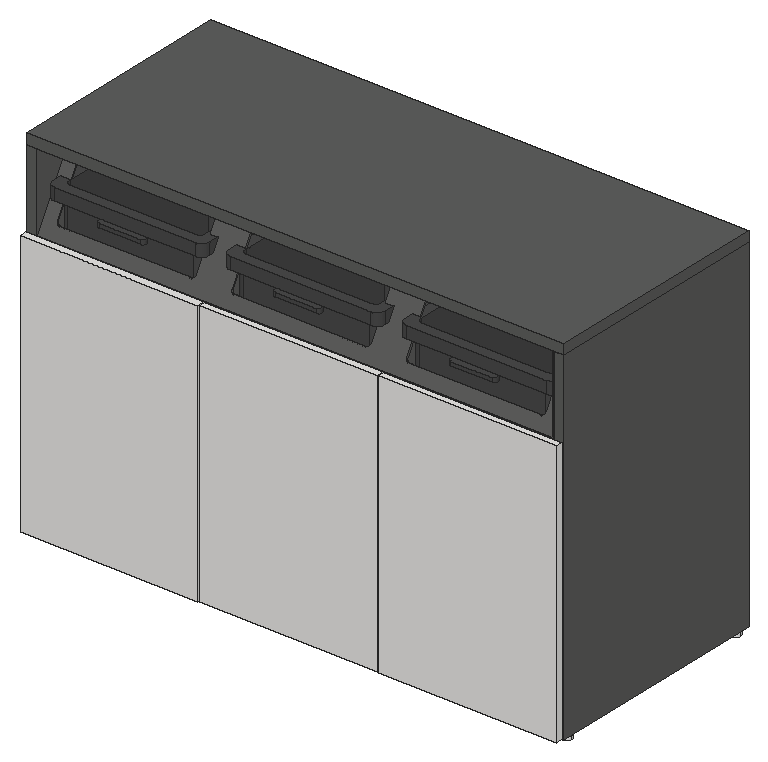
Revit family "Storage-Teknion-CESRUX_Recycling_Disposal_Unit_XL_Bins-R2023", category Furniture, Revit 2023 (continued)
Dimensions and locks (in)
  Sweep 20 sketch curve to plane 3 "Center Left/Right" to Sweep 20 sketch curve = 0.05906" locked, 0.05906" locked
  locked: plane 8 "Top" to Sweep 20 sketch curve at 8.10224
  locked: plane 6 "Back" to Sweep 21 sketch curve at 1  (x2)
  locked: plane 4 "Left" to Sweep 21 sketch curve at 0.5  (x2)
  locked: Sweep 21 sketch curve to plane 5 "Right" at 0.5  (x2)
  locked: plane 7 "Front" to Sweep 21 sketch curve at 1.83858  (x2)
  locked: Sweep 22 sketch curve to plane 7 "Front" at 0.80315
  "Cut-Out - Symbol - 3 Doors": Sweep 22 sketch curve to Sweep 22 sketch curve
  plane 8 "Top" to Sweep 22 sketch curve to Sweep 22 sketch curve = 11.33071" locked, 1.83071" locked  (x2)
  plane 3 "Center Left/Right" to Sweep 22 sketch curve to Sweep 22 sketch curve = 17.08465" locked, 1.83071" locked  (x2)
  locked: Sweep 23 sketch curve to plane 7 "Front" at 0.80315
  "Cut-Out - Symbol - 3 Doors": Sweep 23 sketch curve to Sweep 23 sketch curve
  Sweep 23 sketch curve to plane 3 "Center Left/Right" to Sweep 23 sketch curve = 0.91535" locked, 0.91535" locked
  plane 8 "Top" to Sweep 23 sketch curve to Sweep 23 sketch curve = 11.33071" locked, 1.83071" locked
  "Cut-Out - Symbol - 2 Doors": Sweep 24 sketch curve to Sweep 24 sketch curve
  locked: Sweep 24 sketch curve to plane 7 "Front" at 0.80315
  locked: Sweep 24 sketch curve to Sweep 24 sketch curve at 1.83071  (x2)
  plane 8 "Top" to Sweep 24 sketch curve to Sweep 24 sketch curve = 11.33071" locked, 1.83071" locked  (x2)
  "Dim 2": plane 3 "Center Left/Right" to Sweep 24 sketch curve
  "Dim 2": Sweep 24 sketch curve to plane 3 "Center Left/Right"
  locked: plane 3 "Center Left/Right" to nested 7 at 17.667
  locked: nested 6 to plane 3 "Center Left/Right" at 17.66732
  locked: plane 8 "Top" to Sweep 25 sketch curve at 1.29754
  locked: plane 7 "Front" to Sweep 25 sketch curve at 3.92329
  "Cut-Out - 2 Bins - 24DW": Sweep 25 sketch curve to Sweep 25 sketch curve
  "Dim 3": nested 8 to plane 3 "Center Left/Right"
  "Dim 3": plane 3 "Center Left/Right" to nested 9
  locked: plane 14 to plane 7 "Front" at 11.839
  locked: nested 12 to plane 3 "Center Left/Right" at 17.66732
  locked: plane 3 "Center Left/Right" to nested 13 at 17.66732
  locked: nested 14 to plane 3 "Center Left/Right" at 8.66732
  locked: plane 3 "Center Left/Right" to nested 15 at 8.66732
  locked: nested 16 to plane 3 "Center Left/Right" at 11.66732
  locked: plane 3 "Center Left/Right" to nested 11 at 11.66732
  locked: nested 13 to plane 2 at 7.57386
  locked: nested 11 to plane 2 at 7.57386
  locked: nested 15 to plane 2 at 7.57386
  locked: nested 10 to plane 2 at 7.57386
  locked: nested 16 to plane 2 at 7.57386
  locked: nested 14 to plane 2 at 7.57386
  locked: nested 12 to plane 2 at 7.57386
  locked: plane 7 "Front" to Sweep 16 sketch curve (angle 60.00°)
  locked: plane 7 "Front" to Sweep 17 sketch curve (angle 60.00°)
  locked: plane 7 "Front" to Sweep 25 sketch curve (angle 60.00°)
  aligned and locked: level to plane 2
  aligned and locked: plane 3 "Center Left/Right" to Sweep 1 sketch curve
  aligned and locked: plane 9 to Sweep 1 sketch curve
  aligned and locked: plane 6 "Back" to Sweep 1 sketch curve
  aligned and locked: Sweep 1 sketch curve to plane 6 "Back"
  aligned and locked: plane 4 "Left" to Sweep 1 sketch curve
  aligned and locked: Sweep 1 sketch curve to plane 5 "Right"
  aligned and locked: Sweep 1 sketch curve to Sweep 1 sketch curve
  aligned and locked: Sweep 2 sketch curve to plane 1 "Center Front/Back"
  aligned and locked: plane 9 to Sweep 2 sketch curve
  aligned and locked: Sweep 2 sketch curve to plane 6 "Back"
  aligned and locked: plane 9 to Sweep 3 sketch curve
  aligned and locked: Sweep 3 sketch curve to plane 3 "Center Left/Right"
  aligned and locked: plane 10 to Sweep 4 sketch curve
  aligned and locked: Sweep 4 sketch curve to plane 3 "Center Left/Right"
  aligned and locked: plane 8 "Top" to Sweep 5 sketch curve
  aligned and locked: Sweep 5 sketch curve to plane 3 "Center Left/Right"
  aligned and locked: Sweep 5 sketch curve to plane 6 "Back"
  aligned and locked: Sweep 5 sketch curve to plane 5 "Right"
  aligned and locked: plane 4 "Left" to Sweep 5 sketch curve
  aligned and locked: Sweep 6 sketch curve to plane 3 "Center Left/Right"
  aligned and locked: plane 7 "Front" to Sweep 6 sketch curve
  aligned and locked: plane 1 "Center Front/Back" to Sweep 7 sketch curve
  aligned and locked: plane 1 "Center Front/Back" to Sweep 8 sketch curve
  aligned and locked: plane 1 "Center Front/Back" to Sweep 9 sketch curve
  aligned and locked: Sweep 10 sketch curve to plane 3 "Center Left/Right"
  aligned and locked: Sweep 10 sketch curve to plane 7 "Front"
  aligned and locked: plane 3 "Center Left/Right" to Sweep 11 sketch curve
  aligned and locked: Sweep 11 sketch curve to plane 7 "Front"
  aligned and locked: Sweep 12 sketch curve to plane 3 "Center Left/Right"
  aligned and locked: Sweep 12 sketch curve to plane 7 "Front"
  aligned and locked: Sweep 13 sketch curve to plane 1 "Center Front/Back"
  aligned and locked: Sweep 14 sketch curve to plane 1 "Center Front/Back"
  aligned and locked: Sweep 15 sketch curve to plane 1 "Center Front/Back"
  aligned and locked: Sweep 18 sketch curve to plane 3 "Center Left/Right"
  aligned and locked: plane 9 to Sweep 18 sketch curve
  aligned and locked: Sweep 19 sketch curve to plane 3 "Center Left/Right"
  aligned and locked: Sweep 19 sketch curve to plane 9
  aligned and locked: Sweep 20 sketch curve to plane 9
  aligned and locked: plane 3 "Center Left/Right" to Sweep 21 sketch curve
  aligned and locked: plane 9 to Sweep 21 sketch curve
  aligned and locked: plane 2 to Sweep 21 sketch curve
  aligned and locked: plane 3 "Center Left/Right" to Sweep 22 sketch curve
  aligned and locked: plane 3 "Center Left/Right" to Sweep 23 sketch curve
  aligned and locked: plane 3 "Center Left/Right" to Sweep 24 sketch curve
  aligned and locked: Masking region 1 sketch curve to Sweep 5  (x4)
  aligned and locked: curve 1 to Sweep 2
  aligned and locked: curve 2 to Sweep 1
  aligned and locked: curve 3 to Sweep 1
  aligned and locked: curve 4 to Sweep 7
  aligned and locked: curve 5 to Sweep 7
  aligned and locked: curve 6 to Sweep 7
  aligned and locked: curve 7 to Sweep 7
  aligned and locked: Sweep 8 to curve 8
  aligned and locked: Sweep 8 to curve 9
  aligned and locked: curve 10 to Sweep 8
  aligned and locked: curve 11 to Sweep 8
  aligned and locked: curve 12 to Sweep 9
  aligned and locked: curve 13 to Sweep 9
  aligned and locked: curve 14 to Sweep 9
  aligned and locked: curve 15 to Sweep 9
  aligned and locked: curve 16 to cut or joined group of Sweep 13, Sweep 14, Sweep 15, Sweep 16, Sweep 17, Sweep 25
  aligned and locked: curve 17 to cut or joined group of Sweep 13, Sweep 14, Sweep 15, Sweep 16, Sweep 17, Sweep 25
  aligned and locked: curve 18 to cut or joined group of Sweep 13, Sweep 14, Sweep 15, Sweep 16, Sweep 17, Sweep 25
  aligned and locked: curve 19 to cut or joined group of Sweep 13, Sweep 14, Sweep 15, Sweep 16, Sweep 17, Sweep 25
  aligned and locked: curve 20 to cut or joined group of Sweep 13, Sweep 14, Sweep 15, Sweep 16, Sweep 17, Sweep 25
  aligned and locked: cut or joined group of Sweep 13, Sweep 14, Sweep 15, Sweep 16, Sweep 17, Sweep 25 to curve 21
  aligned and locked: cut or joined group of Sweep 13, Sweep 14, Sweep 15, Sweep 16, Sweep 17, Sweep 25 to curve 22
  aligned and locked: cut or joined group of Sweep 13, Sweep 14, Sweep 15, Sweep 16, Sweep 17, Sweep 25 to curve 23
  aligned and locked: cut or joined group of Sweep 13, Sweep 14, Sweep 15, Sweep 16, Sweep 17, Sweep 25 to curve 24
  aligned and locked: cut or joined group of Sweep 13, Sweep 14, Sweep 15, Sweep 16, Sweep 17, Sweep 25 to curve 25
  aligned and locked: cut or joined group of Sweep 13, Sweep 14, Sweep 15, Sweep 16, Sweep 17, Sweep 25 to curve 26
  aligned and locked: curve 27 to Sweep 21
  aligned and locked: curve 28 to Sweep 21
  aligned and locked: curve 29 to Sweep 21
  aligned and locked: curve 30 to Sweep 21
  aligned and locked: curve 31 to Sweep 21
  aligned and locked: curve 32 to Sweep 21
  aligned and locked: curve 33 to Sweep 21
  aligned and locked: curve 34 to Sweep 21
  aligned and locked: curve 36 to cut or joined group of Sweep 6, Sweep 18, Sweep 19, Sweep 20, Sweep 22, Sweep 23, Sweep 24
  aligned and locked: cut or joined group of Sweep 6, Sweep 18, Sweep 19, Sweep 20, Sweep 22, Sweep 23, Sweep 24 to curve 39
  aligned and locked: curve 42 to cut or joined group of Sweep 6, Sweep 18, Sweep 19, Sweep 20, Sweep 22, Sweep 23, Sweep 24
  aligned and locked: cut or joined group of Sweep 6, Sweep 18, Sweep 19, Sweep 20, Sweep 22, Sweep 23, Sweep 24 to curve 45
  aligned and locked: cut or joined group of Sweep 6, Sweep 18, Sweep 19, Sweep 20, Sweep 22, Sweep 23, Sweep 24 to curve 48
  aligned and locked: cut or joined group of Sweep 6, Sweep 18, Sweep 19, Sweep 20, Sweep 22, Sweep 23, Sweep 24 to curve 51
  aligned and locked: cut or joined group of Sweep 6, Sweep 18, Sweep 19, Sweep 20, Sweep 22, Sweep 23, Sweep 24 to curve 57
  aligned and locked: cut or joined group of Sweep 6, Sweep 18, Sweep 19, Sweep 20, Sweep 22, Sweep 23, Sweep 24 to curve 54
  aligned and locked: cut or joined group of Sweep 6, Sweep 18, Sweep 19, Sweep 20, Sweep 22, Sweep 23, Sweep 24 to curve 63
  aligned and locked: curve 60 to cut or joined group of Sweep 6, Sweep 18, Sweep 19, Sweep 20, Sweep 22, Sweep 23, Sweep 24
  aligned and locked: Sweep 22 to curve 37
  aligned and locked: curve 35 to Sweep 22
  aligned and locked: curve 38 to Sweep 22
  aligned and locked: Sweep 22 to curve 40
  aligned and locked: Sweep 23 to curve 64
  aligned and locked: curve 62 to Sweep 23
  aligned and locked: Sweep 23 to curve 61
  aligned and locked: curve 59 to Sweep 23
  aligned and locked: Sweep 22 to curve 58
  aligned and locked: curve 56 to Sweep 22
  aligned and locked: Sweep 22 to curve 55
  aligned and locked: curve 53 to Sweep 22
  aligned and locked: Sweep 24 to curve 46
  aligned and locked: curve 44 to Sweep 24
  aligned and locked: curve 41 to Sweep 24
  aligned and locked: curve 47 to Sweep 24
  aligned and locked: Sweep 24 to curve 49
  aligned and locked: curve 50 to Sweep 24
  aligned and locked: Sweep 24 to curve 52
  aligned and locked: curve 65 to Sweep 5
  aligned and locked: nested 2 to plane 6 "Back"
  aligned and locked: nested 2 to plane 5 "Right"
  aligned and locked: plane 7 "Front" to nested 3
  aligned and locked: nested 3 to plane 5 "Right"
  aligned and locked: nested 4 to plane 4 "Left"
  aligned and locked: nested 4 to plane 7 "Front"
  aligned and locked: nested 5 to plane 3 "Center Left/Right"
  aligned and locked: plane 7 "Front" to nested 5
  aligned and locked: plane 7 "Front" to nested 6
  aligned and locked: plane 7 "Front" to nested 7
  aligned and locked: nested 1 to plane 6 "Back"
  aligned and locked: plane 4 "Left" to nested 1
  aligned and locked: curve 66 to plane 6 "Back"
  aligned and locked: curve 67 to plane 4 "Left"
  aligned and locked: plane 7 "Front" to curve 68
  aligned and locked: plane 5 "Right" to curve 69
  aligned and locked: Sweep 20 sketch curve to plane 3 "Center Left/Right"
  aligned and locked: cut or joined group of Sweep 13, Sweep 14, Sweep 15, Sweep 16, Sweep 17, Sweep 25 to curve 83
  aligned and locked: cut or joined group of Sweep 13, Sweep 14, Sweep 15, Sweep 16, Sweep 17, Sweep 25 to curve 88
  aligned and locked: curve 89 to cut or joined group of Sweep 13, Sweep 14, Sweep 15, Sweep 16, Sweep 17, Sweep 25
  aligned and locked: plane 7 "Front" to nested 8
  aligned and locked: plane 7 "Front" to nested 9
  aligned and locked: Sweep 20 to Masking region 2 sketch curve
  aligned and locked: cut or joined group of Sweep 6, Sweep 18, Sweep 19, Sweep 20, Sweep 22, Sweep 23, Sweep 24 to Masking region 2 sketch curve
  aligned and locked: Masking region 2 sketch curve to cut or joined group of Sweep 6, Sweep 18, Sweep 19, Sweep 20, Sweep 22, Sweep 23, Sweep 24  (x3)
  aligned and locked: plane 7 "Front" to Masking region 2 sketch curve  (x2)
  aligned and locked: Masking region 2 sketch curve to Sweep 20
  aligned and locked: Masking region 3 sketch curve to cut or joined group of Sweep 6, Sweep 18, Sweep 19, Sweep 20, Sweep 22, Sweep 23, Sweep 24  (x2)
  aligned and locked: Sweep 19 to Masking region 3 sketch curve  (x2)
  aligned and locked: cut or joined group of Sweep 6, Sweep 18, Sweep 19, Sweep 20, Sweep 22, Sweep 23, Sweep 24 to Masking region 3 sketch curve  (x3)
  aligned and locked: Masking region 3 sketch curve to plane 7 "Front"  (x3)
  aligned and locked: Sweep 18 to Masking region 3 sketch curve  (x2)
  aligned and locked: Sweep 17 to curve 101
  aligned and locked: Sweep 17 to curve 100
  aligned and locked: Sweep 17 to curve 99
  aligned and locked: Sweep 17 to curve 96
  aligned and locked: Sweep 17 to curve 106
  aligned and locked: Sweep 17 to curve 107
  aligned and locked: curve 82 to Sweep 25
  aligned and locked: Sweep 16 to curve 79
  aligned and locked: curve 78 to Sweep 16
  aligned and locked: Sweep 16 to curve 72
  aligned and locked: curve 75 to Sweep 16
  aligned and locked: plane 3 "Center Left/Right" to nested 10
  aligned and locked: nested 13 to plane 14
  aligned and locked: nested 10 to plane 14
  aligned and locked: nested 12 to plane 14
  aligned and locked: curve 114 to nested 12
  aligned and locked: curve 116 to nested 12
  aligned and locked: curve 118 to nested 12
  aligned and locked: curve 120 to nested 12
  aligned and locked: curve 122 to nested 12
  aligned and locked: curve 124 to nested 12
  aligned and locked: curve 126 to nested 12
  aligned and locked: curve 128 to nested 12
  aligned and locked: curve 130 to nested 12
  aligned and locked: curve 132 to nested 12
  aligned and locked: curve 134 to nested 12
  aligned and locked: curve 136 to nested 12
  aligned and locked: curve 137 to nested 12
  aligned and locked: curve 139 to nested 12
  aligned and locked: curve 140 to nested 12
  aligned and locked: curve 142 to nested 12
  aligned and locked: curve 144 to nested 10
  aligned and locked: curve 146 to nested 10
  aligned and locked: curve 148 to nested 10
  aligned and locked: curve 150 to nested 10
  aligned and locked: curve 152 to nested 10
  aligned and locked: curve 154 to nested 10
  aligned and locked: curve 156 to nested 10
  aligned and locked: curve 158 to nested 10
  aligned and locked: curve 160 to nested 10
  aligned and locked: curve 162 to nested 10
  aligned and locked: curve 164 to nested 10
  aligned and locked: curve 166 to nested 10
  aligned and locked: curve 167 to nested 10
  aligned and locked: curve 169 to nested 10
  aligned and locked: curve 170 to nested 10
  aligned and locked: curve 172 to nested 10
  aligned and locked: curve 174 to nested 13
  aligned and locked: curve 176 to nested 13
  aligned and locked: curve 178 to nested 13
  aligned and locked: curve 180 to nested 13
  aligned and locked: curve 182 to nested 13
  aligned and locked: curve 184 to nested 13
  aligned and locked: curve 186 to nested 13
  aligned and locked: curve 188 to nested 13
  aligned and locked: curve 190 to nested 13
  aligned and locked: curve 192 to nested 13
  aligned and locked: curve 194 to nested 13
  aligned and locked: curve 196 to nested 13
  aligned and locked: curve 197 to nested 13
  aligned and locked: curve 199 to nested 13
  aligned and locked: curve 200 to nested 13
  aligned and locked: curve 202 to nested 13
  aligned and locked: nested 15 to plane 14
  aligned and locked: nested 14 to plane 14
  aligned and locked: curve 204 to nested 14
  aligned and locked: curve 206 to nested 14
  aligned and locked: curve 208 to nested 14
  aligned and locked: curve 210 to nested 14
  aligned and locked: curve 212 to nested 14
  aligned and locked: curve 214 to nested 14
  aligned and locked: curve 216 to nested 14
  aligned and locked: curve 218 to nested 14
  aligned and locked: curve 220 to nested 14
  aligned and locked: curve 222 to nested 14
  aligned and locked: curve 224 to nested 14
  aligned and locked: curve 226 to nested 14
  aligned and locked: curve 227 to nested 14
  aligned and locked: curve 229 to nested 14
  aligned and locked: curve 231 to nested 14
  aligned and locked: curve 232 to nested 14
  aligned and locked: curve 234 to nested 15
  aligned and locked: curve 236 to nested 15
  aligned and locked: curve 238 to nested 15
  aligned and locked: curve 240 to nested 15
  aligned and locked: curve 242 to nested 15
  aligned and locked: curve 244 to nested 15
  aligned and locked: curve 246 to nested 15
  aligned and locked: curve 248 to nested 15
  aligned and locked: curve 250 to nested 15
  aligned and locked: curve 252 to nested 15
  aligned and locked: curve 254 to nested 15
  aligned and locked: curve 256 to nested 15
  aligned and locked: curve 257 to nested 15
  aligned and locked: curve 259 to nested 15
  aligned and locked: curve 260 to nested 15
  aligned and locked: curve 262 to nested 15
  aligned and locked: nested 11 to plane 13
  aligned and locked: nested 16 to plane 13
  aligned and locked: curve 264 to nested 16
  aligned and locked: curve 266 to nested 16
  aligned and locked: curve 268 to nested 16
  aligned and locked: curve 270 to nested 16
  aligned and locked: curve 272 to nested 16
  aligned and locked: curve 275 to nested 16
  aligned and locked: curve 277 to nested 16
  aligned and locked: curve 278 to nested 16
  aligned and locked: curve 280 to nested 16
  aligned and locked: curve 282 to nested 16
  aligned and locked: curve 284 to nested 16
  aligned and locked: curve 286 to nested 16
  aligned and locked: curve 287 to nested 16
  aligned and locked: curve 289 to nested 16
  aligned and locked: curve 290 to nested 16
  aligned and locked: curve 292 to nested 16
  aligned and locked: curve 294 to nested 11
  aligned and locked: curve 296 to nested 11
  aligned and locked: curve 298 to nested 11
  aligned and locked: curve 300 to nested 11
  aligned and locked: curve 302 to nested 11
  aligned and locked: curve 304 to nested 11
  aligned and locked: curve 306 to nested 11
  aligned and locked: curve 308 to nested 11
  aligned and locked: curve 310 to nested 11
  aligned and locked: curve 312 to nested 11
  aligned and locked: curve 314 to nested 11
  aligned and locked: curve 316 to nested 11
  aligned and locked: curve 317 to nested 11
  aligned and locked: curve 319 to nested 11
  aligned and locked: curve 320 to nested 11
  aligned and locked: curve 322 to nested 11
Automatic sketch dimensions
  Sweep 21 sketch curve to Sweep 21 sketch curve = 0.500"  (x4)
  Sweep 21 sketch curve to Sweep 21 sketch curve = 0.000"  (x8)
  Sweep 22 sketch curve to Sweep 22 sketch curve = 0.15748"  (x4)
  Sweep 22 sketch curve to Sweep 22 sketch curve = 0.000"  (x8)
  Sweep 23 sketch curve to Sweep 23 sketch curve = 0.15748"  (x2)
  Sweep 23 sketch curve to Sweep 23 sketch curve = 1.83071"
  Sweep 23 sketch curve to Sweep 23 sketch curve = 0.000"  (x3)
  Sweep 24 sketch curve to Sweep 24 sketch curve = 0.15748"  (x4)
  Sweep 24 sketch curve to Sweep 24 sketch curve = 0.000"  (x8)
  profile plane to Sweep 17 sketch curve = 0.34252"  (x3)
  Sweep 17 sketch curve to profile plane = 0.05118"  (x6)
  Sweep 17 sketch curve to Sweep 17 sketch curve = 5.9626"  (x4)
  Sweep 17 sketch curve to Sweep 17 sketch curve = 0.3937"  (x3)
  Sweep 17 sketch curve to plane 3 "Center Left/Right" = 24.55643"
  Sweep 17 sketch curve to plane 3 "Center Left/Right" = 10.95013"
  plane 3 "Center Left/Right" to Sweep 17 sketch curve = 10.55643"
  Sweep 17 sketch curve to Sweep 17 sketch curve = 13.2126"
  Sweep 17 sketch curve to Sweep 17 sketch curve = 0.000"  (x2)
  Sweep 17 sketch curve to Sweep 17 sketch curve = 3.55643"
  Sweep 17 sketch curve to Sweep 17 sketch curve = 3.95013"
  Sweep 16 sketch curve to plane 3 "Center Left/Right" = 2.06102"
  profile plane to Sweep 16 sketch curve = 6.40748"
  Sweep 16 sketch curve to Sweep 16 sketch curve = 0.3937"  (x5)
  profile plane to Sweep 16 sketch curve = 0.05118"  (x4)
  Sweep 16 sketch curve to profile plane = 0.34252"  (x2)
  Sweep 16 sketch curve to Sweep 16 sketch curve = 13.2126"  (x2)
  plane 3 "Center Left/Right" to Sweep 16 sketch curve = 2.06102"
  Sweep 25 sketch curve to profile plane = 0.000"  (x2)
  profile plane to Sweep 25 sketch curve = 0.3937"  (x3)
  Sweep 25 sketch curve to Sweep 25 sketch curve = 0.3937"  (x5)
  Sweep 25 sketch curve to plane 3 "Center Left/Right" = 2.66732"
  Sweep 25 sketch curve to Sweep 25 sketch curve = 5.9626"  (x2)
  Sweep 25 sketch curve to Sweep 25 sketch curve = 17.2126"  (x2)
  plane 3 "Center Left/Right" to Sweep 25 sketch curve = 3.06102"
  curve 65 to plane 4 "Left" = 0.000"
  plane 7 "Front" to curve 43 = 0.000"
  plane 7 "Front" to curve 61 = 0.000"
  curve 65 to plane 5 "Right" = 0.000"
  plane 7 "Front" to curve 40 = 0.000"
  plane 7 "Front" to curve 37 = 0.000"
  plane 7 "Front" to curve 64 = 0.000"
  plane 7 "Front" to curve 41 = 0.000"
  plane 7 "Front" to curve 62 = 0.000"
  plane 7 "Front" to curve 59 = 0.000"
  plane 7 "Front" to curve 58 = 0.000"
  plane 7 "Front" to curve 44 = 0.000"
  plane 7 "Front" to curve 56 = 0.000"
  plane 7 "Front" to curve 55 = 0.000"
  plane 7 "Front" to curve 35 = 0.000"
  plane 7 "Front" to curve 46 = 0.000"
  plane 7 "Front" to curve 47 = 0.000"
  plane 7 "Front" to curve 38 = 0.000"
  plane 7 "Front" to curve 49 = 0.000"
  plane 7 "Front" to curve 53 = 0.000"
  plane 7 "Front" to curve 52 = 0.000"
  plane 7 "Front" to curve 50 = 0.000"
  curve 3 to plane 6 "Back" = 0.000"
  curve 2 to plane 6 "Back" = 0.000"
  curve 41 to curve 42 = 0.31496"
  curve 59 to curve 60 = 0.31496"
  curve 73 to curve 97 = 0.000"
  curve 78 to curve 92 = 0.000"
  curve 89 to curve 10 = 0.9707"
  curve 82 to curve 84 = 3.41591"
  curve 106 to curve 79 = 0.000"
  curve 96 to curve 95 = 3.41591"
  curve 75 to curve 95 = 0.000"
  curve 89 to curve 100 = 0.000"
  curve 19 to curve 24 = 0.000"
  curve 9 to plane 7 "Front" = 0.83858"
  curve 8 to curve 9 = 0.000"
  curve 79 to curve 81 = 0.04091"
  curve 82 to curve 86 = 0.04091"
  curve 100 to curve 105 = 0.04091"
  curve 89 to curve 93 = 0.04091"
  curve 97 to curve 98 = 0.04091"
  curve 29 to curve 29 = 0.000"
  curve 28 to curve 27 = 0.000"
  curve 27 to curve 28 = 0.000"
  curve 30 to curve 29 = 0.000"
  curve 94 to curve 95 = 0.04091"
  curve 76 to curve 77 = 0.04091"
  curve 102 to curve 101 = 0.04091"
  curve 90 to curve 88 = 0.04091"
  curve 85 to curve 82 = 0.04091"
  curve 70 to curve 71 = 0.04091"
  curve 31 to curve 32 = 0.000"
  curve 31 to curve 1 = 0.29921"
  curve 33 to curve 1 = 0.29921"
  curve 33 to curve 33 = 0.000"
  curve 108 to curve 107 = 0.04091"
  curve 107 to curve 112 = 0.04091"
  curve 110 to curve 76 = 0.50459"
  curve 17 to curve 16 = 0.04724"
  curve 110 to curve 17 = 0.45594"
  curve 98 to curve 119 = 0.01324"
  curve 105 to curve 159 = 0.01324"
  curve 112 to curve 195 = 0.01324"
  curve 74 to curve 219 = 0.01324"
  curve 163 to curve 230 = 0.4622"
  curve 81 to curve 249 = 0.01324"
  curve 86 to curve 263 = 0.30424"
  curve 274 to curve 264 = 0.07865"
  curve 270 to curve 275 = 0.07865"
Nested families (in)
  nested 1: "Teknion_2D_Node_Family-R2016" at (-3, 0, 0), type "Teknion_2D_Node_Family-R2016"
  nested 2: "Teknion_2D_Node_Family-R2016" at (51, 0, 0), type "Teknion_2D_Node_Family-R2016"
  nested 3: "Teknion_2D_Node_Family-R2016" at (51, -24, 0), type "Teknion_2D_Node_Family-R2016"
  nested 4: "Teknion_2D_Node_Family-R2016" at (-3, -24, 0), type "Teknion_2D_Node_Family-R2016"
  nested 5: "Teknion_2D_Node_Family-R2016" at (24, -24, 0), visible <- "2D & Node - Symbol - 3 Doors", type "Teknion_2D_Node_Family-R2016"
  nested 6: "Teknion_2D_Node_Family-R2016" at (6.33268, -24, 0), visible <- "2D & Node - Symbol - 3 Doors", type "Teknion_2D_Node_Family-R2016"
  nested 7: "Teknion_2D_Node_Family-R2016" at (41.667, -24, 0), visible <- "2D & Node - Symbol - 3 Doors", type "Teknion_2D_Node_Family-R2016"
  nested 8: "Teknion_2D_Node_Family-R2016" at (15, -24, 0), visible <- "2D & Node - Symbol - 2 Doors", type "Teknion_2D_Node_Family-R2016"
  nested 9: "Teknion_2D_Node_Family-R2016" at (33, -24, 0), visible <- "2D & Node - Symbol - 2 Doors", type "Teknion_2D_Node_Family-R2016"
  nested 10: "XL Bin" at (14.62992, 0.00042, 0), visible <- "2D - 3 Bins", type "XL Bin"
    with To render please download texture images found here "https://assets.teknion.com/web/5e81352c1dfdb467/revit-material-swatches/", How To Use Teknion Materials User Guide "https://assets.teknion.com/m/205dd0a49fa58060/original/How-to-add-a-Material-Library-and-Texture-Images-to-your-Revit-project.pdf", For Additional Finishes please visit "https://assets.teknion.com/m/44a8009b046e5d47/original/Teknion_Materials_Library.zip"
  nested 11: "XL Bin" at (47.82874, -5.91692, 0) x (0, -1, 0) z (0, 0, 1), visible <- "2D - 2 Bins - 24DW", type "XL Bin"
    with To render please download texture images found here "https://assets.teknion.com/web/5e81352c1dfdb467/revit-material-swatches/", How To Use Teknion Materials User Guide "https://assets.teknion.com/m/205dd0a49fa58060/original/How-to-add-a-Material-Library-and-Texture-Images-to-your-Revit-project.pdf", For Additional Finishes please visit "https://assets.teknion.com/m/44a8009b046e5d47/original/Teknion_Materials_Library.zip"
  nested 12: "XL Bin" at (-3.0374, 0.00042, 0), visible <- "2D - 3 Bins", type "XL Bin"
    with To render please download texture images found here "https://assets.teknion.com/web/5e81352c1dfdb467/revit-material-swatches/", How To Use Teknion Materials User Guide "https://assets.teknion.com/m/205dd0a49fa58060/original/How-to-add-a-Material-Library-and-Texture-Images-to-your-Revit-project.pdf", For Additional Finishes please visit "https://assets.teknion.com/m/44a8009b046e5d47/original/Teknion_Materials_Library.zip"
  nested 13: "XL Bin" at (32.29724, 0.00042, 0), visible <- "2D - 3 Bins", type "XL Bin"
    with To render please download texture images found here "https://assets.teknion.com/web/5e81352c1dfdb467/revit-material-swatches/", How To Use Teknion Materials User Guide "https://assets.teknion.com/m/205dd0a49fa58060/original/How-to-add-a-Material-Library-and-Texture-Images-to-your-Revit-project.pdf", For Additional Finishes please visit "https://assets.teknion.com/m/44a8009b046e5d47/original/Teknion_Materials_Library.zip"
  nested 14: "XL Bin" at (5.9626, 0.00042, 0), visible <- "2D - 2 Bins - 18DW", type "XL Bin"
    with To render please download texture images found here "https://assets.teknion.com/web/5e81352c1dfdb467/revit-material-swatches/", How To Use Teknion Materials User Guide "https://assets.teknion.com/m/205dd0a49fa58060/original/How-to-add-a-Material-Library-and-Texture-Images-to-your-Revit-project.pdf", For Additional Finishes please visit "https://assets.teknion.com/m/44a8009b046e5d47/original/Teknion_Materials_Library.zip"
  nested 15: "XL Bin" at (23.29724, 0.00042, 0), visible <- "2D - 2 Bins - 18DW", type "XL Bin"
    with To render please download texture images found here "https://assets.teknion.com/web/5e81352c1dfdb467/revit-material-swatches/", How To Use Teknion Materials User Guide "https://assets.teknion.com/m/205dd0a49fa58060/original/How-to-add-a-Material-Library-and-Texture-Images-to-your-Revit-project.pdf", For Additional Finishes please visit "https://assets.teknion.com/m/44a8009b046e5d47/original/Teknion_Materials_Library.zip"
  nested 16: "XL Bin" at (24.49409, -5.91692, 0) x (0, -1, 0) z (0, 0, 1), visible <- "2D - 2 Bins - 24DW", type "XL Bin"
    with To render please download texture images found here "https://assets.teknion.com/web/5e81352c1dfdb467/revit-material-swatches/", How To Use Teknion Materials User Guide "https://assets.teknion.com/m/205dd0a49fa58060/original/How-to-add-a-Material-Library-and-Texture-Images-to-your-Revit-project.pdf", For Additional Finishes please visit "https://assets.teknion.com/m/44a8009b046e5d47/original/Teknion_Materials_Library.zip"
Definition of nested family "XL Bin"
  Parameters (values of type "XL Bin")
    Warranty = "http://www.teknion.com/ca/papers/legal-canada"
    Unit Weight URL = "http://www.teknion.com/ca/tools/assets#&asset=bee6a381-b954-425e-8283-5a2de3a804f2,f828d448-4b62-4231-9e5f-9a8991c0ed77"
    URL = "www.teknion.com"
    To render please download texture images found here [instance] = "https://assets.teknion.com/web/5e81352c1dfdb467/revit-material-swatches/"
    Sustainability Data = "https://www.teknion.com/ca/tools/assets#&topic=216f99a5-57a0-44fc-b10a-9dee9b29ae4c&asset=444deb64-fe58-4b68-981e-f75e97781df7,b4ff2d81-9f2e-437d-9659-7cffb09c31cf"
    Series = ""
    Product Page URL = ""
    Product Line = ""
    Product Documentation Link = ""
    Part Number = ""
    Model = ""
    Manufacturer Phone = "416-661-3370"  # constant formula
    Manufacturer Fax = "416.661.4586"  # constant formula
    Manufacturer Contact Information = "http://www.teknion.com/ca/contactus"
    Manufacturer Address = "1150 Flint Road, Toronto, ON. M3J 2J5. Canada"  # constant formula
    Manufacturer = "Teknion"  # constant formula
    How To Use Teknion Materials User Guide [instance] = "https://assets.teknion.com/m/205dd0a49fa58060/original/How-to-add-a-Material-Library-and-Texture-Images-to-your-Revit-project.pdf"
    For Additional Finishes please visit [instance] = "https://assets.teknion.com/m/44a8009b046e5d47/original/Teknion_Materials_Library.zip"
    Description = "XL Bin"
    Default Elevation = 0.000"
    Assembly Code = "E2020200"
  Reference planes (in)
    plane 1 "Center Front/Back": y = -12.16142
    plane 2: z = 0
    plane 3 "Center Left/Right": x = 9.37008
    plane 4 "Left": x = 1.52008
    plane 5 "Right": x = 17.22008
    plane 6 "Back": y = -1.88642
    plane 7 "Front": y = -22.43642
    plane 8 "Top": z = 31.57386
    plane 9: z = 7.57386
  Forms (in)
    Sweep 1, solid
      path origin (0, -12.16142, 0) x (1, 0, 0) y (0, 0, 1)
        loop
          line (9.37008, 7.57386) -> (9.37008, 30.39276)
      profile origin (9.37008, -12.16142, 18.98331) x (-1, 0, 0) y (0, -1, 0)
        loop
          line (-7.0945, 8.7591) -> (-7.0945, -8.7591)
          arc (-7.0945, -8.7591) -> (-6.86388, -9.31588) -> (-6.3071, -9.5465) r 0.7874
          line (-6.3071, -9.5465) -> (6.3071, -9.5465)
          arc (6.3071, -9.5465) -> (6.86388, -9.31588) -> (7.0945, -8.7591) r 0.7874
          line (7.0945, -8.7591) -> (7.0945, 8.7591)
          arc (7.0945, 8.7591) -> (6.86388, 9.31588) -> (6.3071, 9.5465) r 0.7874
          line (6.3071, 9.5465) -> (-6.3071, 9.5465)
          arc (-6.3071, 9.5465) -> (-6.86388, 9.31588) -> (-7.0945, 8.7591) r 0.7874
    Sweep 2, solid
      path origin (0, -12.16142, 0) x (1, 0, 0) y (0, 0, 1)
        loop
          line (9.37008, 31.57386) -> (9.37008, 30.39276)
      profile origin (9.37008, -12.16142, 30.98331) x (0, -1, 0) y (1, 0, 0)
        loop
          line (9.4876, 7.85) -> (-9.4876, 7.85)
          arc (-9.4876, 7.85) -> (-10.04438, 7.61938) -> (-10.275, 7.0626) r 0.7874
          line (-10.275, 7.0626) -> (-10.275, -7.0626)
          arc (-10.275, -7.0626) -> (-10.04438, -7.61938) -> (-9.4876, -7.85) r 0.7874
          line (-9.4876, -7.85) -> (9.4876, -7.85)
          arc (9.4876, -7.85) -> (10.04438, -7.61938) -> (10.275, -7.0626) r 0.7874
          line (10.275, -7.0626) -> (10.275, 7.0626)
          arc (10.275, 7.0626) -> (10.04438, 7.61938) -> (9.4876, 7.85) r 0.7874
    Sweep 3, void
      path origin (0, -12.16142, 0) x (1, 0, 0) y (0, 0, 1)
        loop
          line (9.37008, 8.36126) -> (9.37008, 32.88882)
      profile origin (9.37008, -12.16142, 20.62504) x (-1, 0, 0) y (0, -1, 0)
        loop
          line (6.858, -8.68045) -> (6.858, 8.68045)
          arc (6.858, 8.68045) -> (6.68503, 9.09803) -> (6.26745, 9.271) r 0.59055
          line (6.26745, 9.271) -> (-6.26745, 9.271)
          arc (-6.26745, 9.271) -> (-6.68503, 9.09803) -> (-6.858, 8.68045) r 0.59055
          line (-6.858, 8.68045) -> (-6.858, -8.68045)
          arc (-6.858, -8.68045) -> (-6.68503, -9.09803) -> (-6.26745, -9.271) r 0.59055
          line (-6.26745, -9.271) -> (6.26745, -9.271)
          arc (6.26745, -9.271) -> (6.68503, -9.09803) -> (6.858, -8.68045) r 0.59055
    Sweep 4, solid
      path origin (0, -12.16142, 0) x (1, 0, 0) y (0, 0, 1)
        loop
          line (9.37008, 30.39276) -> (9.37008, 29.99906)
      profile origin (9.37008, -12.16142, 30.19591) x (0, -1, 0) y (1, 0, 0)
        loop
          line (-10.90492, 2.06693) -> (-10.90492, -2.06693)
          arc (-10.90492, -2.06693) -> (-10.58996, -2.38189) -> (-10.275, -2.06693) r 0.31496
          line (-10.275, -2.06693) -> (-10.275, 2.06693)
          arc (-10.275, 2.06693) -> (-10.58996, 2.38189) -> (-10.90492, 2.06693) r 0.31496
        loop
          line (10.90492, -2.06693) -> (10.90492, 2.06693)
          arc (10.90492, 2.06693) -> (10.58996, 2.38189) -> (10.275, 2.06693) r 0.31496
          line (10.275, 2.06693) -> (10.275, -2.06693)
          arc (10.275, -2.06693) -> (10.58996, -2.38189) -> (10.90492, -2.06693) r 0.31496
  Cuts and joins
    Sweep 3 cuts Sweep 1
    Sweep 3 cuts Sweep 2
    joined: Sweep 1, Sweep 2, Sweep 4
  Lines and regions (in)
    symbolic lines, detail levels medium+fine
      curve 1: line (17.22008, -21.64902, 0) -> (17.22008, -2.67382, 0)
      curve 2: arc (17.22008, -2.67382, 0) -> (16.98945, -2.11704, 0) -> (16.43268, -1.88642, 0) r 0.7874
      curve 3: line (16.43268, -1.88642, 0) -> (2.30748, -1.88642, 0)
      curve 4: arc (2.30748, -1.88642, 0) -> (1.7507, -2.11704, 0) -> (1.52008, -2.67382, 0) r 0.7874
      curve 5: line (1.52008, -2.67382, 0) -> (1.52008, -21.64902, 0)
      curve 6: arc (1.52008, -21.64902, 0) -> (1.7507, -22.20579, 0) -> (2.30748, -22.43642, 0) r 0.7874
      curve 7: line (2.30748, -22.43642, 0) -> (16.43268, -22.43642, 0)
      curve 8: arc (16.43268, -22.43642, 0) -> (16.98945, -22.20579, 0) -> (17.22008, -21.64902, 0) r 0.7874
      curve 9: line (2.51208, -20.84187, 0) -> (2.51208, -3.48097, 0)
      curve 10: arc (2.51208, -3.48097, 0) -> (2.68505, -3.06339, 0) -> (3.10263, -2.89042, 0) r 0.59055
      curve 11: line (3.10263, -2.89042, 0) -> (15.63753, -2.89042, 0)
      curve 12: arc (15.63753, -2.89042, 0) -> (16.05511, -3.06339, 0) -> (16.22808, -3.48097, 0) r 0.59055
      curve 13: line (16.22808, -3.48097, 0) -> (16.22808, -20.84187, 0)
      curve 14: arc (16.22808, -20.84187, 0) -> (16.05511, -21.25945, 0) -> (15.63753, -21.43242, 0) r 0.59055
      curve 15: line (15.63753, -21.43242, 0) -> (3.10263, -21.43242, 0)
      curve 16: arc (3.10263, -21.43242, 0) -> (2.68505, -21.25945, 0) -> (2.51208, -20.84187, 0) r 0.59055
      curve 17: line (15.67718, -2.61492, 0) -> (3.06298, -2.61492, 0)
      curve 18: line (2.27558, -3.40232, 0) -> (2.27558, -20.92052, 0)
      curve 19: arc (2.27558, -3.40232, 0) -> (2.5062, -2.84554, 0) -> (3.06298, -2.61492, 0) r 0.7874
      curve 20: line (16.46458, -20.92052, 0) -> (16.46458, -3.40232, 0)
      curve 21: arc (15.67718, -2.61492, 0) -> (16.23395, -2.84554, 0) -> (16.46458, -3.40232, 0) r 0.7874
      curve 22: line (3.06298, -21.70792, 0) -> (15.67718, -21.70792, 0)
      curve 23: arc (16.46458, -20.92052, 0) -> (16.23395, -21.47729, 0) -> (15.67718, -21.70792, 0) r 0.7874
      curve 24: arc (3.06298, -21.70792, 0) -> (2.5062, -21.47729, 0) -> (2.27558, -20.92052, 0) r 0.7874
      curve 25: line (7.30315, -23.06634, 0) -> (11.43701, -23.06634, 0)
      curve 26: arc (7.30315, -22.43642, 0) -> (6.98819, -22.75138, 0) -> (7.30315, -23.06634, 0) r 0.31496
      curve 27: arc (11.43701, -23.06634, 0) -> (11.75197, -22.75138, 0) -> (11.43701, -22.43642, 0) r 0.31496
      curve 28: line (11.43701, -1.2565, 0) -> (7.30315, -1.2565, 0)
      curve 29: arc (7.30315, -1.2565, 0) -> (6.98819, -1.57146, 0) -> (7.30315, -1.88642, 0) r 0.31496
      curve 30: arc (11.43701, -1.88642, 0) -> (11.75197, -1.57146, 0) -> (11.43701, -1.2565, 0) r 0.31496
  Dimensions and locks (in)
    plane 4 "Left" to plane 5 "Right" = 15.700"
    plane 6 "Back" to plane 7 "Front" = 20.550"
    plane 8 "Top" to level = 31.57386"
    equal spacing: plane 6 "Back", plane 1 "Center Front/Back", plane 7 "Front"
    plane 4 "Left" to plane 3 "Center Left/Right" to plane 5 "Right" = 7.850", 7.850"
    locked: plane 9 to plane 2 at 7.57386
    aligned and locked: level to plane 2
  Automatic sketch dimensions
    Sweep 1 sketch curve to plane 3 "Center Left/Right" = 0.000"
    Sweep 1 sketch curve to plane 9 = 0.000"
    Sweep 1 sketch curve to plane 8 "Top" = 1.1811"
    profile plane to Sweep 1 sketch curve = 7.0945"
    Sweep 1 sketch curve to Sweep 1 sketch curve = 0.7874"  (x3)
    Sweep 1 sketch curve to profile plane = 6.3071"  (x2)
    Sweep 1 sketch curve to plane 1 "Center Front/Back" = 9.5465"
    plane 1 "Center Front/Back" to Sweep 1 sketch curve = 8.7591"
    Sweep 2 sketch curve to plane 3 "Center Left/Right" = 0.000"
    Sweep 2 sketch curve to plane 8 "Top" = 0.000"
    Sweep 2 sketch curve to Sweep 2 sketch curve = 1.1811"
    Sweep 2 sketch curve to plane 1 "Center Front/Back" = 10.275"
    Sweep 2 sketch curve to Sweep 2 sketch curve = 0.7874"  (x3)
    plane 1 "Center Front/Back" to Sweep 2 sketch curve = 9.4876"  (x2)
    profile plane to Sweep 2 sketch curve = 7.850"
    Sweep 2 sketch curve to profile plane = 7.0626"
    Sweep 3 sketch curve to plane 3 "Center Left/Right" = 0.000"
    plane 9 to Sweep 3 sketch curve = 0.7874"
    plane 8 "Top" to Sweep 3 sketch curve = 1.31496"
    profile plane to Sweep 3 sketch curve = 6.858"
    Sweep 3 sketch curve to Sweep 3 sketch curve = 0.59055"  (x3)
    Sweep 3 sketch curve to profile plane = 6.26745"  (x2)
    Sweep 3 sketch curve to plane 1 "Center Front/Back" = 9.271"
    plane 1 "Center Front/Back" to Sweep 3 sketch curve = 8.68045"
    Sweep 4 sketch curve to plane 3 "Center Left/Right" = 0.000"
    Sweep 4 sketch curve to plane 8 "Top" = 1.5748"
    Sweep 4 sketch curve to Sweep 4 sketch curve = 0.3937"
    Sweep 4 sketch curve to profile plane = 2.06693"  (x2)
    Sweep 4 sketch curve to plane 1 "Center Front/Back" = 10.90492"
    Sweep 4 sketch curve to Sweep 4 sketch curve = 0.31496"  (x2)
    profile plane to Sweep 4 sketch curve = 2.06693"  (x2)
    plane 1 "Center Front/Back" to Sweep 4 sketch curve = 10.275"
    curve 5 to plane 4 "Left" = 0.000"
    plane 7 "Front" to curve 6 = 0.000"
    curve 3 to plane 6 "Back" = 0.000"
    curve 2 to plane 5 "Right" = 0.000"
    curve 5 to curve 6 = 0.7874"
    plane 4 "Left" to curve 3 = 0.7874"
    plane 5 "Right" to curve 2 = 0.7874"
    plane 5 "Right" to curve 8 = 0.7874"
    curve 4 to curve 9 = 0.2046"
    curve 4 to curve 11 = 0.79515"
    curve 6 to curve 15 = 0.79515"
    curve 12 to curve 2 = 0.79515"
    curve 14 to curve 8 = 0.79515"
    curve 14 to curve 13 = 0.59055"
    curve 6 to curve 15 = 0.2166"
    curve 13 to curve 2 = 0.80715"
    curve 19 to curve 10 = 0.03965"
    curve 10 to curve 19 = 0.07865"
    curve 12 to curve 17 = 0.03965"
    curve 18 to curve 16 = 0.07865"
    curve 13 to curve 20 = 0.2365"
    curve 20 to curve 13 = 0.07865"
    curve 14 to curve 22 = 0.03965"
    curve 22 to curve 15 = 0.03965"
    plane 7 "Front" to curve 25 = 0.62992"
    curve 25 to plane 3 "Center Left/Right" = 2.06693"
    plane 3 "Center Left/Right" to curve 25 = 2.06693"
    plane 6 "Back" to curve 28 = 0.62992"
    curve 28 to plane 3 "Center Left/Right" = 2.06693"
    plane 3 "Center Left/Right" to curve 28 = 2.06693"
Definition of nested family "Teknion_2D_Node_Family-R2016"
  Reference planes (in)
    plane 1 "Center (Front/Back)": y = 0
    plane 2: z = 0
    plane 3 "Center (Left/Right)": x = 0
  Lines and regions (in)
    detail lines, in view "Ref. Level"
      curve 1: circle (0, 0, 0) r 1.25 normal (0, 0, 1)
      curve 2: line (1.91508, -1.91508, 0) -> (-1.91508, 1.91508, 0)
      curve 3: line (-1.91508, -1.91508, 0) -> (1.91508, 1.91508, 0)
Types (3): name | Width | T - Triple | Opening Fascia Finish | Model | Hidden - Divider 3 | Hidden - Divider 2 | Hidden - Divider 1 | Height | Front Finish | Divider 3 | Divider 2 | Divider 1 | Dim 1 | Description | D - Dual | Cut-Out - 3 Bins | Cut-Out - 2 Bins - 18DW | Cut - Divider - 3 | Cut - Divider - 2 | Cut - Divider - 1 | Cut - 3 Doors | Cut - 2 Doors | Case Finish | Available Depth | 2D - 3 Bins | 2D - 2 Bins - 18DW
  (no name) | 54.000" | yes | Source Laminate - Teknion - LE - Ebony | "CESRUXT________" | no | yes | no | 36.000" | Grade 2 Laminate - Teknion - W4 -Crisp Grey Matte | yes | no | yes | 9.000" | "Recycling/Disposal Unit - XL Bins, Triple Configuration" | no | 1.500" | 0.200" | 3.000" | 0.300" | 3.000" | 2.500" | 0.300" | Source Laminate - Teknion - LE - Ebony | "24 Inch Only" | yes | no
  Dual Configuration | 36.000" | no | Paint - Teknion - Mica - Platinum | "CESRUXD________" | yes | no | yes | 42.000" | Source Laminate - Teknion - 3M - Provincial Oak | no | yes | no | 6.000" | "Recycling/Disposal Unit - XL Bins, Dual Configuration" | yes | 0.200" | 1.000" | 0.300" | 3.000" | 0.300" | 0.300" | 2.500" | Source Laminate - Teknion - 3M - Provincial Oak | "18 & 24 Inch" | no | yes
  Triple Configuration | 54.000" | yes | Source Laminate - Teknion - LE - Ebony | "CESRUXT________" | no | yes | no | 36.000" | Grade 2 Laminate - Teknion - W4 -Crisp Grey Matte | yes | no | yes | 9.000" | "Recycling/Disposal Unit - XL Bins, Triple Configuration" | no | 1.500" | 0.200" | 3.000" | 0.300" | 3.000" | 2.500" | 0.300" | Source Laminate - Teknion - LE - Ebony | "24 Inch Only" | yes | no
